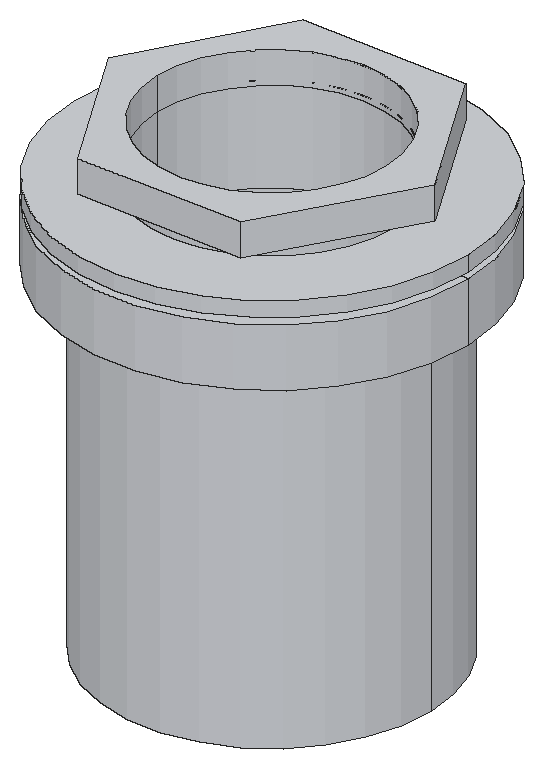
Revit family "FCS2G", category Generic Models, Revit 2017
Family settings
  Can host rebar = No
  Round Connector Dimension = Use Diameter
  Part Type = Normal
  Work Plane-Based = Yes
  Always vertical = No
  Cut with Voids When Loaded = No
  Shared = No
  Room Calculation Point = No
Parameters (values of type "NBS Standard Parameters")
  Weight = "0.0911Kg"
  WarrantyStartDate [instance] = "1900-12-31T23:59:59"
  WarrantyGuarantorParts = "n/a"
  WarrantyGuarantorLabor = "n/a"
  WarrantyDurationUnit = "1 year"
  WarrantyDurationParts = "n/a"
  WarrantyDurationLabor = "n/a"
  WarrantyDescription = "n/a"
  Version = "1"
  Uniclass2 = "Pr_65_70_11_20"
  TagNumber [instance] = "n/a"
  SustainabilityPerformance = "n/a"
  Size = "25mm"
  Shape = "Circular"
  SerialNumber [instance] = "n/a"
  Revision = "n/a"
  ReplacementCost = "n/a"
  ProductInformation = "www.metpro.co.uk/pdf/fcs2g.pdf"
  NominalWidth = 38 mm
  NominalLength = 38 mm
  NominalHeight = 43 mm
  Name = ""
  NBSTypeID = ""
  NBSReference = "90-55-10/460"
  NBSOfficeMasterTag = ""
  NBSNote = ""
  NBSDescription = "Conduit Fittings"
  NBSCertification = ""
  ModelReference = "FCS2G"
  ModelNumber = "n/a"
  Material = "Steel Body, Lead Washer and Brass Bush"
  ManufacturerURL = "www.metpro.co.uk"
  ManufacturerName = "Metpro Ltd"
  Keynote = "Compliant to LU Standard 1-085"
  InstallationDate [instance] = "1900-12-31T23:59:59"
  IfcExportType = ""
  IfcExportAs = ""
  Grade = "n/a"
  Finish = "Galvanised"
  Features = "n/a"
  ExpectedLife = "n/a"
  DurationUnit = "year"
  Description = "25mm Flange Coupler"
  Default Elevation = 1219.2 mm
  Constituents = "n/a"
  Color = "n/a"
  CodePerformance = "n/a"
  Category = "n/a"
  BarCode [instance] = "n/a"
  BIMObjectName = "Metpro_lmetprolibereary_conduitfittings_mealcomponent_steelaccessories"
  Author = "Metpro Limited"
  AssetType = ""
  AssetIdentifier [instance] = "n/a"
  AccessibilityPerformance = "n/a"
Reference planes
  plane 1 "Center (Front/Back)": y = 0
  plane 2: z = 0
  plane 3 "Center (Left/Right)": x = 0
Forms (mm)
  Revolve 1, solid
    sketch origin (10.708, -7.188, 0) x (1, 0, 0) y (0, 0, -1)
      loop
        line (-11.06, -17.18) -> (-3.732, -17.18) -> (-3.732, -11.68) -> (-5.569, -11.68)
        arc (-5.569, -11.68) -> (-6.692, -11.215) -> (-7.156, -10.093) r 1.587
        line (-7.156, -10.093) -> (-7.156, 20.284) -> (-11.06, 20.284) -> (-11.06, -17.18)
      axis (-22.156, -17.18) -> (-22.156, 20.284)
    angle from 0 to 360
  Extrusion 2, solid
    sketch origin (-11.449, -7.188, 17.18) x (0, -1, 0) y (1, 0, 0)
      loop
        circle (0, 0) r 18.425
      loop
        circle (0, 0) r 11.096
    from 0.623 to 2.023
  Extrusion 3, solid
    sketch origin (-11.449, -7.188, 17.18) x (0, -1, 0) y (1, 0, 0)
      loop
        circle (0, 0) r 10.75
      loop
        circle (0, 0) r 11.615
    from -4.85 to 4.239
  Extrusion 4, solid
    sketch origin (-11.449, -7.188, 21.419) x (0, -1, 0) y (1, 0, 0)
      loop
        line (13.199, 7.621) -> (0, 15.241) -> (-13.199, 7.621) -> (-13.199, -7.621) -> (0, -15.241) -> (13.199, -7.621) -> (13.199, 7.621)
      loop
        circle (0, 0) r 10.75
    from -0.483 to 2.517
Dimensions and locks
  aligned and locked: level to plane 2
